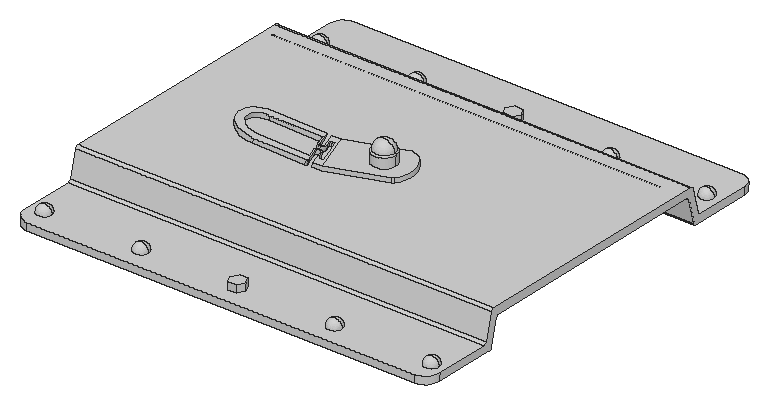
Revit family "AnchorPoint_Kattsafe_TopMount", category Specialty Equipment, host Face, Revit 2025
Family settings
  Host = Face
  Round Connector Dimension = Use Diameter
  Part Type = Normal
  OmniClass Number = 23.27.71.21
  Enable Cutting in Views = No
  Cut with Voids When Loaded = No
  Maintain Annotation Orientation = No
  Shared = No
  Room Calculation Point = No
Parameters (values of type "Top Hat (AP130T)")
  Uniclass2015Version = "Products v1.23"
  Uniclass2015Title = "Safety access anchor devices"
  Uniclass2015Code = "Pr_40_70_75_75"
  URL = "https://kattsafe.com.au/"
  Type IFC Predefined Type = "USERDEFINED"
  Type Comments = "Top Mount Anchor - Top hat plate - 15kN rated - 2kg"
  TopHat = no
  TiltBase = yes
  SafetyDisclaimer [instance] = "WARNING! The correct placement of access, fall protection and facade maintenance systems is critical to ensure it is fit-for-purpose and safe for the operator to use. Did you know Kattsafe® have a dedicated team of Height Safety System Design Specialists? Kattsafe® provide one-on-one consultation and system design assistance to ensure you are meeting the stringent requirements of height safety and to give you PEACE OF MIND with your project."  # constant formula
  ModifiedIssue = 20240430
  Model = "AP130T"
  Material = Steel_Stainless_Kattsafe_Satin
  ManufacturerURLProductSpecific = "https://kattsafe.com.au/products/anchor-points/metal-deck-mount/Top-mount-anchor-AP130"
  ManufacturerSpecCode = Model  # "AP130T"
  ManufacturerOverallWidth = 290 mm  # constant formula
  ManufacturerOverallHeight = 50 mm  # constant formula
  ManufacturerOverallDepth = 285 mm
  ManufacturerHeightFromFFL [instance] = 0 mm
  Manufacturer = "Kattsafe®"  # constant formula
  IfcExportType = "USERDEFINED"
  IfcExportAs = "IfcBuildingElementProxy"
  Export Type to IFC As = "IfcBuildingElementProxy"
  ElementType = "Fall Protection"
  Description = "Our Kattsafe anchor points are specifically designed, manufactured, and tested to comply with and often exceed Australian Standards, effectively handling excessive loads and saving lives when using a harness and lanyard system."  # constant formula
  Default Elevation = 0 mm  # constant formula
  CreatedBy = "IGS BIM Solutions"  # constant formula
  CreatedByURL = "https://igsgroup.com.au"
  Base = no
  Assembly Code = "E1090100"
Types (3, lengths in mm): name | Type Comments | Model | ManufacturerSpecCode | ManufacturerOverallDepth | Base
  Universal (AP130A) | "Top Mount Anchor - Universal plate - 15kN rated - 1.4kg" | "AP130A" | "AP130A" | 285 | yes
  Top Hat (AP130T) | "Top Mount Anchor - Top hat plate - 15kN rated - 2kg" | "AP130T" | "AP130T" | 285 | no
  Wide Deck (AP130W) | "Top Mount Anchor - Wide Deck - Suits 300 to 372mm deck - 15kN rated - 2kg" | "AP130W" | "AP130W" | 400 | yes
Reference planes
  plane 1 "Center (Front/Back)": y = 8
  plane 2 "Ref. Level": z = 0
  plane 3 "Center (Left/Right)": x = 0
  plane 4 "Front": y = -134.5
  plane 5 "Back": y = 150.5
  plane 6 "Right": x = 145
  plane 7 "Left": x = -145
  plane 8 "Top": z = 50
  plane 9 "Bottom": z = 0
  plane 10 "Bolts Back": y = 120.5
  plane 11 "Bolts Front": y = -119.5
  plane 12 "Mount_Top": z = 25
Forms (mm)
  Extrusion 1, solid, material "Steel_Stainless_Kattsafe_Satin" <- "Material", visible <- "Base"
    sketch origin (0, 0, 0) x (0, 1, 0) y (-1, 0, 0)
      loop
        arc (150.5, 135) -> (147.571, 142.071) -> (140.5, 145) r 10
        line (140.5, 145) -> (-124.5, 145)
        arc (-124.5, 145) -> (-131.571, 142.071) -> (-134.5, 135) r 10
        line (-134.5, 135) -> (-134.5, -135)
        arc (-134.5, -135) -> (-131.571, -142.071) -> (-124.5, -145) r 10
        line (-124.5, -145) -> (140.5, -145)
        arc (140.5, -145) -> (147.571, -142.071) -> (150.5, -135) r 10
        line (150.5, -135) -> (150.5, 135)
    from 0 to 5
  Revolve 2, solid, material "Steel_Stainless_Kattsafe_Satin" <- "Material", visible <- "TopHat"
    sketch origin (0, 8, 0) x (1, 0, 0) y (0, 0, 1)
      loop
        line (-39.574, 5) -> (0, 5) -> (0, 25) -> (-17.503, 25)
        arc (-17.503, 25) -> (-19.416, 24.619) -> (-21.038, 23.536) r 5
        line (-21.038, 23.536) -> (-39.574, 5)
      axis (0, 25) -> (0, 5)
    angle from 0 to 360
  Extrusion 3, solid, material "Steel_Stainless_Kattsafe_Satin" <- "Material"
    sketch origin (7.887, 12.748, 0) x (-1, 0, 0) y (0, -1, 0)
      loop
        line (31.19, 30.257) -> (-6.898, 16.394)
        arc (-6.898, 16.394) -> (-7.435, 16.098) -> (-7.858, 15.654) r 2
        arc (-7.858, 15.654) -> (-10.111, -1.801) -> (2.834, -13.725) r 19.152
        arc (2.834, -13.725) -> (3.444, -13.795) -> (4.046, -13.676) r 2
        line (4.046, -13.676) -> (42.134, 0.187) -> (31.19, 30.257)
    from 25 to 28
  Extrusion 4, solid, material "Steel_Stainless_Kattsafe_Satin" <- "Material"
    sketch origin (-23.303, -17.509, 0) x (0.939693, 0.34202, 0) y (0, 0, 1)
      loop
        line (0, 28) -> (-54.312, 42.553) -> (-55.089, 39.655) -> (0, 25) -> (0, 28)
    from 0 to -32
  Extrusion 5, void
    sketch origin (-23.303, -14.397, 27.715) x (-0.907673, -0.330366, 0.258819) y (0.34202, -0.939693, 0)
      loop
        arc (2.074, -22.373) -> (2.367, -23.08) -> (3.074, -23.373) r 1
        line (3.074, -23.373) -> (4.085, -23.373)
        arc (4.085, -23.373) -> (4.792, -23.08) -> (5.085, -22.373) r 1
        line (5.085, -22.373) -> (5.085, -17.389)
        arc (5.085, -17.389) -> (7.585, -14.889) -> (10.085, -17.389) r 2.5
        line (10.085, -17.389) -> (10.085, -24.076) -> (41.33, -24.076)
        arc (41.33, -24.076) -> (52.033, -13.373) -> (41.33, -2.67) r 10.703
        line (41.33, -2.67) -> (10.085, -2.67) -> (10.085, -9.357)
        arc (10.085, -9.357) -> (7.585, -11.857) -> (5.085, -9.357) r 2.5
        line (5.085, -9.357) -> (5.085, -4.373)
        arc (5.085, -4.373) -> (4.792, -3.666) -> (4.085, -3.373) r 1
        line (4.085, -3.373) -> (3.074, -3.373)
        arc (3.074, -3.373) -> (2.367, -3.666) -> (2.074, -4.373) r 1
        line (2.074, -4.373) -> (2.074, -13.373) -> (2.074, -22.373)
      loop
        arc (9.085, -17.389) -> (7.585, -15.889) -> (6.085, -17.389) r 1.5
        line (6.085, -17.389) -> (6.085, -29.076) -> (10.085, -29.076)
        arc (10.085, -29.076) -> (9.378, -28.783) -> (9.085, -28.076) r 1
        line (9.085, -28.076) -> (9.085, -17.389)
      loop
        line (9.085, -9.357) -> (9.085, 1.924)
        arc (9.085, 1.924) -> (9.378, 2.631) -> (10.085, 2.924) r 1
        line (10.085, 2.924) -> (6.085, 2.924) -> (6.085, -9.357)
        arc (6.085, -9.357) -> (7.585, -10.857) -> (9.085, -9.357) r 1.5
      loop
        line (41.33, -29.076) -> (59.377, -29.076) -> (59.377, 2.924) -> (41.33, 2.924)
        arc (41.33, 2.924) -> (57.33, -13.076) -> (41.33, -29.076) r 16
    from -8.644 to 3.905
  Revolve 6, solid, material "Steel_Stainless_Kattsafe_Satin" <- "Material", detail levels medium+fine
    sketch origin (-615.282, 120.5, 4780) x (-1, 0, 0) y (0, 0, 1)
      loop
        line (-480.282, -4775) -> (-475.282, -4775)
        arc (-475.282, -4775) -> (-476.733, -4771.44) -> (-480.282, -4769.962) r 5
        line (-480.282, -4769.962) -> (-480.282, -4775)
      axis (-480.282, -4775) -> (-480.282, -4769.962)
    angle from 0 to 360
  Revolve 7, solid, material "Steel_Stainless_Kattsafe_Satin" <- "Material", detail levels medium+fine
    sketch origin (615.282, 120.5, 4780) x (1, 0, 0) y (0, 0, -1)
      loop
        line (-480.282, 4775) -> (-480.282, 4769.962)
        arc (-480.282, 4769.962) -> (-476.733, 4771.44) -> (-475.282, 4775) r 5
        line (-475.282, 4775) -> (-480.282, 4775)
      axis (-480.282, 4775) -> (-480.282, 4769.962)
    angle from 0 to 360
  Revolve 8, solid, material "Steel_Stainless_Kattsafe_Satin" <- "Material", detail levels medium+fine
    sketch origin (-547.782, 120.5, 4780) x (-1, 0, 0) y (0, 0, 1)
      loop
        line (-480.282, -4775) -> (-475.282, -4775)
        arc (-475.282, -4775) -> (-476.733, -4771.44) -> (-480.282, -4769.962) r 5
        line (-480.282, -4769.962) -> (-480.282, -4775)
      axis (-480.282, -4775) -> (-480.282, -4769.962)
    angle from 0 to 360
  Revolve 9, solid, material "Steel_Stainless_Kattsafe_Satin" <- "Material", detail levels medium+fine
    sketch origin (547.782, 120.5, 4780) x (1, 0, 0) y (0, 0, -1)
      loop
        line (-480.282, 4775) -> (-480.282, 4769.962)
        arc (-480.282, 4769.962) -> (-476.733, 4771.44) -> (-475.282, 4775) r 5
        line (-475.282, 4775) -> (-480.282, 4775)
      axis (-480.282, 4775) -> (-480.282, 4769.962)
    angle from 0 to 360
  Revolve 10, solid, material "Steel_Stainless_Kattsafe_Satin" <- "Material", detail levels medium+fine
    sketch origin (-610.282, -119.5, 5280) x (-1, 0, 0) y (0, 0, 1)
      loop
        line (-475.282, -5275) -> (-470.282, -5275)
        arc (-470.282, -5275) -> (-471.733, -5271.44) -> (-475.282, -5269.962) r 5
        line (-475.282, -5269.962) -> (-475.282, -5275)
      axis (-475.282, -5275) -> (-475.282, -5269.962)
    angle from 0 to 360
  Revolve 11, solid, material "Steel_Stainless_Kattsafe_Satin" <- "Material", detail levels medium+fine
    sketch origin (-610.282, -119.5, 5280) x (-1, 0, 0) y (0, 0, 1)
      loop
        line (-745.282, -5275) -> (-745.282, -5269.962)
        arc (-745.282, -5269.962) -> (-748.831, -5271.44) -> (-750.282, -5275) r 5
        line (-750.282, -5275) -> (-745.282, -5275)
      axis (-745.282, -5275) -> (-745.282, -5269.962)
    angle from 0 to 360
  Revolve 12, solid, material "Steel_Stainless_Kattsafe_Satin" <- "Material", detail levels medium+fine
    sketch origin (-610.282, -119.5, 5280) x (-1, 0, 0) y (0, 0, 1)
      loop
        line (-542.782, -5275) -> (-537.782, -5275)
        arc (-537.782, -5275) -> (-539.233, -5271.44) -> (-542.782, -5269.962) r 5
        line (-542.782, -5269.962) -> (-542.782, -5275)
      axis (-542.782, -5269.962) -> (-542.782, -5275)
    angle from 0 to 360
  Revolve 13, solid, material "Steel_Stainless_Kattsafe_Satin" <- "Material", detail levels medium+fine
    sketch origin (-610.282, -119.5, 5280) x (-1, 0, 0) y (0, 0, 1)
      loop
        line (-677.782, -5275) -> (-677.782, -5269.962)
        arc (-677.782, -5269.962) -> (-681.331, -5271.44) -> (-682.782, -5275) r 5
        line (-682.782, -5275) -> (-677.782, -5275)
      axis (-677.782, -5269.962) -> (-677.782, -5275)
    angle from 0 to 360
  Extrusion 14, solid, material "Steel_Stainless_Kattsafe_Satin" <- "Material", detail levels medium+fine
    sketch origin (0, 0, 0) x (0, 1, 0) y (-1, 0, 0)
      loop
        line (125.5, -2.887) -> (125.5, 2.887) -> (120.5, 5.774) -> (115.5, 2.887) -> (115.5, -2.887) -> (120.5, -5.774) -> (125.5, -2.887)
      loop
        line (-114.5, -2.887) -> (-114.5, 2.887) -> (-119.5, 5.774) -> (-124.5, 2.887) -> (-124.5, -2.887) -> (-119.5, -5.774) -> (-114.5, -2.887)
    from 5 to 10
  Extrusion 15, solid, material "Steel_Stainless_Kattsafe_Satin" <- "Material", visible <- "TiltBase"
    sketch origin (0, 0, 0) x (0, 1, 0) y (0, 0, 1)
      loop
        line (-134.5, 5) -> (-134.5, 0) -> (-82.198, 0)
        arc (-82.198, 0) -> (-80.98, 0.413) -> (-80.266, 1.482) r 2
        line (-80.266, 1.482) -> (-75.702, 18.518)
        arc (-75.702, 18.518) -> (-74.987, 19.587) -> (-73.77, 20) r 2
        line (-73.77, 20) -> (89.77, 20)
        arc (89.77, 20) -> (90.987, 19.587) -> (91.702, 18.518) r 2
        line (91.702, 18.518) -> (96.266, 1.482)
        arc (96.266, 1.482) -> (96.98, 0.413) -> (98.198, 0) r 2
        line (98.198, 0) -> (150.5, 0) -> (150.5, 5) -> (102.035, 5)
        arc (102.035, 5) -> (100.817, 5.413) -> (100.103, 6.482) r 2
        line (100.103, 6.482) -> (95.538, 23.518)
        arc (95.538, 23.518) -> (94.824, 24.587) -> (93.606, 25) r 2
        line (93.606, 25) -> (-77.606, 25)
        arc (-77.606, 25) -> (-78.824, 24.587) -> (-79.538, 23.518) r 2
        line (-79.538, 23.518) -> (-84.103, 6.482)
        arc (-84.103, 6.482) -> (-84.817, 5.413) -> (-86.035, 5) r 2
        line (-86.035, 5) -> (-134.5, 5)
    from -145 to 145
  Extrusion 16, void
    sketch origin (0, 150.5, 5) x (1, 0, 0) y (0, -1, 0)
      loop
        line (-145, 10) -> (-145, 0) -> (-135, 0)
        arc (-135, 0) -> (-142.071, 2.929) -> (-145, 10) r 10
      loop
        arc (145, 10) -> (142.071, 2.929) -> (135, 0) r 10
        line (135, 0) -> (145, 0) -> (145, 10)
      loop
        arc (-145, 275) -> (-142.071, 282.071) -> (-135, 285) r 10
        line (-135, 285) -> (-145, 285) -> (-145, 275)
      loop
        line (145, 275) -> (145, 285) -> (135, 285)
        arc (135, 285) -> (142.071, 282.071) -> (145, 275) r 10
    from 0 to 5
  Revolve 17, solid, material "Steel_Stainless_Kattsafe_Satin" <- "Material"
    sketch origin (0, 8, 0) x (1, 0, 0) y (0, 0, 1)
      loop
        line (-8, 25) -> (0, 25) -> (0, 42.289)
        arc (0, 42.289) -> (-4.935, 40.395) -> (-7, 35.529) r 6.764
        arc (-7, 35.529) -> (-7.707, 35.236) -> (-8, 34.529) r 1
        line (-8, 34.529) -> (-8, 25)
      axis (0, 42.289) -> (0, 25)
    angle from 0 to 360
Cuts and joins
  Extrusion 5 cuts Extrusion 4
  joined: Extrusion 3, Extrusion 4, Revolve 17
  Extrusion 16 cuts Extrusion 15
Lines and regions (mm)
  Masking region 1
    outline origin (0, 0, 50) x (-1, 0, 0) y (0, -1, 0)
      loop
        arc (135, -150.5) -> (142.071, -147.571) -> (145, -140.5) r 10
        line (145, -140.5) -> (145, 124.5)
        arc (145, 124.5) -> (142.071, 131.571) -> (135, 134.5) r 10
        line (135, 134.5) -> (-135, 134.5)
        arc (-135, 134.5) -> (-142.071, 131.571) -> (-145, 124.5) r 10
        line (-145, 124.5) -> (-145, -140.5)
        arc (-145, -140.5) -> (-142.071, -147.571) -> (-135, -150.5) r 10
        line (-135, -150.5) -> (135, -150.5)
  symbolic lines, style "Fall Arrest Systems", detail levels medium+fine
    curve 1: circle (-135, 120.5, 50) r 5 normal (0, 0, -1)
    curve 2: circle (135, 120.5, 50) r 5 normal (0, 0, 1)
    curve 3: circle (-67.5, 120.5, 50) r 5 normal (0, 0, -1)
    curve 4: circle (67.5, 120.5, 50) r 5 normal (0, 0, 1)
    curve 5: line (2.887, 125.5, 50) -> (5.774, 120.5, 50)
    curve 6: line (5.774, 120.5, 50) -> (2.887, 115.5, 50)
    curve 7: line (2.887, 115.5, 50) -> (-2.887, 115.5, 50)
    curve 8: line (-2.887, 115.5, 50) -> (-5.774, 120.5, 50)
    curve 9: line (-5.774, 120.5, 50) -> (-2.887, 125.5, 50)
    curve 10: line (-2.887, 125.5, 50) -> (2.887, 125.5, 50)
    curve 11: circle (-135, -119.5, 50) r 5 normal (0, 0, 1)
    curve 12: circle (135, -119.5, 50) r 5 normal (0, 0, -1)
    curve 13: circle (-67.5, -119.5, 50) r 5 normal (0, 0, 1)
    curve 14: circle (67.5, -119.5, 50) r 5 normal (0, 0, -1)
    curve 15: line (2.887, -124.5, 50) -> (5.774, -119.5, 50)
    curve 16: line (5.774, -119.5, 50) -> (2.887, -114.5, 50)
    curve 17: line (2.887, -114.5, 50) -> (-2.887, -114.5, 50)
    curve 18: line (-2.887, -114.5, 50) -> (-5.774, -119.5, 50)
    curve 19: line (-5.774, -119.5, 50) -> (-2.887, -124.5, 50)
    curve 20: line (-2.887, -124.5, 50) -> (2.887, -124.5, 50)
    curve 22: circle (0, 8, 50) r 8 normal (0, 0, -1)
    curve 23: circle (0, 8, 50) r 4.998 normal (0, 0, -1)
    curve 24: line (-71.492, -0.994, 50) -> (-42.402, 9.594, 50)
    curve 25: line (14.442, -3.737, 50) -> (-27.837, -19.125, 50)
    curve 26: arc (15.744, -2.905, 50) -> (17.998, 14.55, 50) -> (5.053, 26.474, 50) r 19.152
    curve 27: spline (-60.547, -31.064, 50) -> (-64.492, -31.92, 50) -> (-68.541, -31.693, 50) -> (-72.419, -30.398, 50) -> (-75.86, -28.124, 50) -> (-78.631, -25.026, 50) -> (-80.542, -21.315, 50) -> (-81.463, -17.243, 50) -> (-81.332, -13.089, 50) -> (-80.158, -9.135, 50) -> (-78.02, -5.651, 50) -> (-75.064, -2.874, 50) -> (-71.492, -0.994, 50)
    curve 29: line (-31.457, -20.476, 50) -> (-60.547, -31.064, 50)
    curve 30: arc (5.053, 26.474, 50) -> (4.443, 26.543, 50) -> (3.841, 26.424, 50) r 2
    curve 31: arc (14.442, -3.737, 50) -> (15.177, -3.452, 50) -> (15.744, -2.905, 50) r 2
    curve 37: spline (-41.152, 8.985, 50) -> (-41.204, 9.104, 50) -> (-41.271, 9.217, 50) -> (-41.352, 9.319, 50) -> (-41.444, 9.41, 50) -> (-41.548, 9.488, 50) -> (-41.66, 9.552, 50) -> (-41.778, 9.601, 50) -> (-41.902, 9.633, 50) -> (-42.028, 9.649, 50) -> (-42.155, 9.647, 50) -> (-42.28, 9.629, 50) -> (-42.402, 9.594, 50)
    curve 39: line (-37.497, -1.057, 50) -> (-41.152, 8.985, 50)
    curve 40: spline (-34.774, -0.066, 50) -> (-34.687, -0.448, 50) -> (-34.7, -0.837, 50) -> (-34.81, -1.208, 50) -> (-35.01, -1.535, 50) -> (-35.287, -1.795, 50) -> (-35.622, -1.971, 50) -> (-35.992, -2.052, 50) -> (-36.372, -2.03, 50) -> (-36.735, -1.909, 50) -> (-37.058, -1.696, 50) -> (-37.318, -1.405, 50) -> (-37.497, -1.057, 50)
    curve 41: line (-38.771, 10.915, 50) -> (-34.774, -0.066, 50)
    curve 55: spline (-30.902, -19.177, 50) -> (-30.865, -19.302, 50) -> (-30.844, -19.431, 50) -> (-30.84, -19.561, 50) -> (-30.853, -19.691, 50) -> (-30.881, -19.817, 50) -> (-30.926, -19.938, 50) -> (-30.986, -20.051, 50) -> (-31.06, -20.156, 50) -> (-31.146, -20.249, 50) -> (-31.244, -20.329, 50) -> (-31.352, -20.395, 50) -> (-31.468, -20.447, 50)
    curve 57: line (-34.557, -9.135, 50) -> (-30.902, -19.177, 50)
    curve 58: spline (-31.834, -8.143, 50) -> (-32.013, -7.796, 50) -> (-32.273, -7.505, 50) -> (-32.596, -7.292, 50) -> (-32.959, -7.171, 50) -> (-33.339, -7.149, 50) -> (-33.709, -7.229, 50) -> (-34.043, -7.406, 50) -> (-34.321, -7.666, 50) -> (-34.521, -7.993, 50) -> (-34.631, -8.363, 50) -> (-34.643, -8.753, 50) -> (-34.557, -9.135, 50)
    curve 59: line (-27.837, -19.125, 50) -> (-31.834, -8.143, 50)
    curve 71: line (-38.771, 10.915, 50) -> (3.841, 26.425, 50)
  symbolic lines, style "Fall Arrest Systems", visible <- "TopHat", detail levels medium+fine
    curve 21: arc (-39.425, 4.241, 50) -> (37.212, 21.543, 50) -> (-32.617, -14.464, 50) r 39.602
  symbolic lines, style "Fall Arrest Systems", detail levels fine
    curve 28: line (-39.478, 10.658, 50) -> (-38.771, 10.915, 50)
    curve 32: line (-34.248, 12.562, 50) -> (-23.314, -17.479, 50)
    curve 33: spline (-70.762, -0.728, 50) -> (-74.334, -2.609, 50) -> (-77.29, -5.386, 50) -> (-79.428, -8.87, 50) -> (-80.603, -12.824, 50) -> (-80.734, -16.978, 50) -> (-79.812, -21.049, 50) -> (-77.901, -24.761, 50) -> (-75.131, -27.859, 50) -> (-71.689, -30.133, 50) -> (-67.812, -31.427, 50) -> (-63.762, -31.654, 50) -> (-59.817, -30.799, 50)
    curve 34: spline (-61.731, -25.542, 50) -> (-64.37, -26.114, 50) -> (-67.078, -25.962, 50) -> (-69.672, -25.096, 50) -> (-71.974, -23.575, 50) -> (-73.827, -21.503, 50) -> (-75.106, -19.02, 50) -> (-75.722, -16.297, 50) -> (-75.635, -13.518, 50) -> (-74.849, -10.873, 50) -> (-73.419, -8.542, 50) -> (-71.441, -6.685, 50) -> (-69.052, -5.427, 50)
    curve 35: line (-69.052, -5.427, 50) -> (-40.691, 4.895, 50)
    curve 36: line (-33.37, -15.219, 50) -> (-61.731, -25.542, 50)
    curve 38: line (-37.497, -1.057, 50) -> (-41.152, 8.985, 50)
    curve 42: line (-35.481, -0.324, 50) -> (-39.478, 10.658, 50)
    curve 43: spline (-35.994, -2.052, 50) -> (-35.87, -1.953, 50) -> (-35.758, -1.84, 50) -> (-35.659, -1.715, 50) -> (-35.574, -1.58, 50) -> (-35.504, -1.435, 50) -> (-35.45, -1.283, 50) -> (-35.412, -1.126, 50) -> (-35.392, -0.965, 50) -> (-35.388, -0.803, 50) -> (-35.402, -0.64, 50) -> (-35.433, -0.48, 50) -> (-35.481, -0.324, 50)
    curve 44: line (-33.866, 0.264, 50) -> (-35.571, 4.947, 50)
    curve 45: spline (-35.571, 4.947, 50) -> (-35.608, 5.073, 50) -> (-35.628, 5.202, 50) -> (-35.632, 5.332, 50) -> (-35.62, 5.461, 50) -> (-35.591, 5.588, 50) -> (-35.547, 5.708, 50) -> (-35.487, 5.822, 50) -> (-35.413, 5.926, 50) -> (-35.326, 6.019, 50) -> (-35.228, 6.1, 50) -> (-35.121, 6.166, 50) -> (-35.005, 6.217, 50)
    curve 46: spline (-33.543, 5.685, 50) -> (-33.596, 5.805, 50) -> (-33.663, 5.917, 50) -> (-33.744, 6.02, 50) -> (-33.836, 6.111, 50) -> (-33.939, 6.189, 50) -> (-34.051, 6.253, 50) -> (-34.17, 6.301, 50) -> (-34.294, 6.334, 50) -> (-34.42, 6.349, 50) -> (-34.547, 6.348, 50) -> (-34.672, 6.329, 50) -> (-34.793, 6.294, 50)
    curve 47: line (-27.194, -11.758, 50) -> (-33.543, 5.685, 50)
    curve 48: spline (-34.088, 6.551, 50) -> (-33.966, 6.586, 50) -> (-33.841, 6.605, 50) -> (-33.714, 6.606, 50) -> (-33.588, 6.59, 50) -> (-33.464, 6.558, 50) -> (-33.346, 6.51, 50) -> (-33.234, 6.446, 50) -> (-33.13, 6.367, 50) -> (-33.038, 6.276, 50) -> (-32.957, 6.174, 50) -> (-32.89, 6.062, 50) -> (-32.838, 5.942, 50)
    curve 49: line (-35.005, 6.217, 50) -> (-34.088, 6.551, 50)
    curve 50: line (-32.838, 5.942, 50) -> (-26.489, -11.502, 50)
    curve 51: spline (-38.405, -1.388, 50) -> (-38.106, -1.968, 50) -> (-37.673, -2.452, 50) -> (-37.135, -2.807, 50) -> (-36.529, -3.009, 50) -> (-35.897, -3.045, 50) -> (-35.28, -2.911, 50) -> (-34.722, -2.617, 50) -> (-34.26, -2.183, 50) -> (-33.926, -1.639, 50) -> (-33.743, -1.021, 50) -> (-33.722, -0.372, 50) -> (-33.866, 0.264, 50)
    curve 52: line (-40.691, 4.895, 50) -> (-38.405, -1.388, 50)
    curve 53: line (-39.114, -1.646, 50) -> (-41.4, 4.637, 50)
    curve 54: spline (-35.645, -3.011, 50) -> (-35.96, -3.158, 50) -> (-36.293, -3.257, 50) -> (-36.637, -3.305, 50) -> (-36.986, -3.302, 50) -> (-37.332, -3.247, 50) -> (-37.668, -3.142, 50) -> (-37.987, -2.989, 50) -> (-38.282, -2.792, 50) -> (-38.547, -2.553, 50) -> (-38.777, -2.279, 50) -> (-38.967, -1.974, 50) -> (-39.114, -1.646, 50)
    curve 56: line (-34.557, -9.135, 50) -> (-30.902, -19.177, 50)
    curve 60: line (-32.541, -8.401, 50) -> (-28.544, -19.383, 50)
    curve 61: spline (-34.045, -7.407, 50) -> (-33.886, -7.403, 50) -> (-33.728, -7.418, 50) -> (-33.572, -7.45, 50) -> (-33.42, -7.499, 50) -> (-33.273, -7.564, 50) -> (-33.134, -7.646, 50) -> (-33.004, -7.742, 50) -> (-32.885, -7.852, 50) -> (-32.778, -7.974, 50) -> (-32.684, -8.108, 50) -> (-32.605, -8.251, 50) -> (-32.541, -8.401, 50)
    curve 62: line (-30.926, -7.813, 50) -> (-29.222, -12.496, 50)
    curve 63: spline (-29.222, -12.496, 50) -> (-29.169, -12.616, 50) -> (-29.102, -12.728, 50) -> (-29.022, -12.831, 50) -> (-28.929, -12.922, 50) -> (-28.826, -13, 50) -> (-28.714, -13.064, 50) -> (-28.595, -13.113, 50) -> (-28.472, -13.145, 50) -> (-28.345, -13.16, 50) -> (-28.219, -13.159, 50) -> (-28.093, -13.141, 50) -> (-27.972, -13.106, 50)
    curve 64: spline (-27.194, -11.758, 50) -> (-27.158, -11.884, 50) -> (-27.137, -12.013, 50) -> (-27.133, -12.143, 50) -> (-27.145, -12.272, 50) -> (-27.174, -12.399, 50) -> (-27.219, -12.52, 50) -> (-27.278, -12.633, 50) -> (-27.352, -12.737, 50) -> (-27.439, -12.831, 50) -> (-27.537, -12.911, 50) -> (-27.645, -12.977, 50) -> (-27.761, -13.029, 50)
    curve 65: spline (-27.055, -12.772, 50) -> (-26.939, -12.72, 50) -> (-26.831, -12.654, 50) -> (-26.733, -12.574, 50) -> (-26.647, -12.481, 50) -> (-26.573, -12.376, 50) -> (-26.513, -12.263, 50) -> (-26.468, -12.142, 50) -> (-26.44, -12.016, 50) -> (-26.427, -11.886, 50) -> (-26.431, -11.756, 50) -> (-26.452, -11.627, 50) -> (-26.489, -11.502, 50)
    curve 66: line (-27.972, -13.106, 50) -> (-27.055, -12.772, 50)
    curve 67: spline (-35.465, -9.465, 50) -> (-35.609, -8.829, 50) -> (-35.588, -8.18, 50) -> (-35.405, -7.562, 50) -> (-35.071, -7.017, 50) -> (-34.609, -6.584, 50) -> (-34.051, -6.29, 50) -> (-33.434, -6.156, 50) -> (-32.801, -6.192, 50) -> (-32.196, -6.394, 50) -> (-31.658, -6.749, 50) -> (-31.225, -7.233, 50) -> (-30.926, -7.813, 50)
    curve 68: line (-33.37, -15.219, 50) -> (-35.465, -9.465, 50)
    curve 69: line (-36.174, -9.723, 50) -> (-34.079, -15.477, 50)
    curve 70: spline (-34.394, -6.447, 50) -> (-34.73, -6.537, 50) -> (-35.048, -6.676, 50) -> (-35.343, -6.86, 50) -> (-35.609, -7.087, 50) -> (-35.838, -7.351, 50) -> (-36.028, -7.647, 50) -> (-36.174, -7.969, 50) -> (-36.273, -8.311, 50) -> (-36.323, -8.664, 50) -> (-36.323, -9.022, 50) -> (-36.273, -9.377, 50) -> (-36.174, -9.723, 50)
    curve 72: line (-27.837, -19.125, 50) -> (-28.544, -19.383, 50)
Text (mm)
  text "Disclaimer:\nDue to ongoing product development and manufacturing \nevolution, product details are subject to change without \nnotice. Please refer to product technical data sheets on \nthe manufacturers website for the most current product \ninformation. Please allow a +/- 5mm manufacturing \ntolerance for dimensions and set-outs shown in product \nliterature." at (253.749, 82.963, 0), in view "Ref. Level"
Dimensions and locks
  "ManufacturerOverallWidth": plane 7 "Left" to plane 6 "Right"
  "ManufacturerOverallDepth": plane 5 "Back" to plane 4 "Front"
  equal spacing: plane 7 "Left", plane 3 "Center (Left/Right)", plane 6 "Right"
  equal spacing: plane 4 "Front", plane 1 "Center (Front/Back)", plane 5 "Back"
  "ManufacturerHeightFromFFL": plane 9 "Bottom" to level
  "ManufacturerOverallHeight": plane 9 "Bottom" to plane 8 "Top"
  locked: plane 12 "Mount_Top" to plane 9 "Bottom" at 25
  plane 11 "Bolts Front" to plane 4 "Front" = 15 mm
  locked: plane 10 "Bolts Back" to plane 5 "Back" at 30
  locked: Extrusion 14 sketch curve to plane 11 "Bolts Front" at 5
  locked: plane 11 "Bolts Front" to Extrusion 14 sketch curve at 5
  aligned and locked: plane 2 "Ref. Level" to host face
  aligned and locked: level to host face
  aligned and locked: Extrusion 1 to Revolve 2 sketch curve
  aligned and locked: Revolve 2 sketch curve to plane 3 "Center (Left/Right)"  (x2)
  aligned and locked: cut or joined group of Extrusion 15, Extrusion 16 to Revolve 11 sketch curve
  aligned and locked: cut or joined group of Extrusion 15, Extrusion 16 to Revolve 13 sketch curve
  aligned and locked: Revolve 12 sketch curve to cut or joined group of Extrusion 15, Extrusion 16
  aligned and locked: Revolve 10 sketch curve to cut or joined group of Extrusion 15, Extrusion 16
  aligned and locked: plane 11 "Bolts Front" to Extrusion 14 sketch curve  (x2)
Automatic sketch dimensions
  host sketch curve to host sketch curve = 290 mm
  host sketch curve to host sketch curve = 285 mm
  Extrusion 1 sketch curve to plane 4 "Front" = 0 mm
  Extrusion 1 sketch curve to plane 7 "Left" = 0 mm
  Extrusion 1 sketch curve to plane 6 "Right" = 0 mm
  plane 5 "Back" to Extrusion 1 sketch curve = 0 mm
  Extrusion 1 sketch curve to plane 11 "Bolts Front" = 5 mm  (x2)
  Extrusion 1 sketch curve to plane 10 "Bolts Back" = 20 mm  (x2)
  Revolve 2 sketch curve to plane 8 "Top" = 0 mm
  Revolve 2 sketch curve to Revolve 2 sketch curve = 17.503 mm
  Revolve 2 sketch curve to Revolve 2 sketch curve = 3.536 mm  (x2)
  Revolve 2 sketch curve to plane 9 "Bottom" = 5 mm
  Revolve 2 sketch curve to Revolve 2 sketch curve = 18.536 mm
  Revolve 2 sketch curve to plane 9 "Bottom" = 20 mm
  plane 1 "Center (Front/Back)" to Extrusion 3 sketch curve = 0 mm
  Extrusion 3 sketch curve to plane 3 "Center (Left/Right)" = 0 mm
  plane 3 "Center (Left/Right)" to Extrusion 3 sketch curve = 3.841 mm
  Extrusion 3 sketch curve to Extrusion 3 sketch curve = 0.684 mm  (x2)
  plane 3 "Center (Left/Right)" to Extrusion 3 sketch curve = 14.1 mm
  Extrusion 3 sketch curve to plane 3 "Center (Left/Right)" = 23.303 mm
  Extrusion 3 sketch curve to plane 1 "Center (Front/Back)" = 4.561 mm
  Extrusion 3 sketch curve to Extrusion 3 sketch curve = 10.944 mm
  Extrusion 3 sketch curve to plane 1 "Center (Front/Back)" = 16.545 mm
  Extrusion 3 sketch curve to Extrusion 3 sketch curve = 1.879 mm  (x2)
  Extrusion 3 sketch curve to Extrusion 3 sketch curve = 0 mm
  Extrusion 5 sketch curve to Extrusion 5 sketch curve = 0 mm  (x8)
  Extrusion 5 sketch curve to Extrusion 4 = 0 mm  (x3)
  Extrusion 4 to Extrusion 5 sketch curve = 0 mm  (x2)
  Extrusion 4 to Extrusion 5 sketch curve = 0.972 mm
  Extrusion 5 sketch curve to Extrusion 5 sketch curve = 1 mm  (x6)
  Extrusion 5 sketch curve to Extrusion 5 sketch curve = 1.011 mm  (x2)
  Extrusion 4 to Extrusion 5 sketch curve = 4.983 mm  (x2)
  Extrusion 5 sketch curve to Extrusion 5 sketch curve = 1.5 mm  (x2)
  Extrusion 5 sketch curve to Extrusion 4 = 16 mm
  Extrusion 4 to Extrusion 5 sketch curve = 2.047 mm
  Extrusion 5 sketch curve to Extrusion 5 sketch curve = 4 mm
  Extrusion 4 to Extrusion 5 sketch curve = 5.703 mm
  Extrusion 5 sketch curve to Extrusion 5 sketch curve = 4.984 mm  (x2)
  Extrusion 5 sketch curve to Extrusion 5 sketch curve = 4.016 mm  (x2)
  Extrusion 5 sketch curve to Extrusion 5 sketch curve = 0.297 mm
  Revolve 6 sketch curve to plane 9 "Bottom" = 0 mm
  Revolve 6 sketch curve to plane 7 "Left" = 10 mm
  Revolve 6 sketch curve to Revolve 6 sketch curve = 5 mm
  plane 9 "Bottom" to Revolve 6 sketch curve = 5 mm
  Revolve 6 sketch curve to Revolve 6 sketch curve = 0.038 mm
  Revolve 6 sketch curve to Revolve 6 sketch curve = 0 mm  (x2)
  Revolve 7 sketch curve to plane 9 "Bottom" = 0 mm
  Revolve 7 sketch curve to plane 6 "Right" = 10 mm
  Revolve 7 sketch curve to Revolve 7 sketch curve = 5 mm
  plane 9 "Bottom" to Revolve 7 sketch curve = 5 mm
  Revolve 7 sketch curve to Revolve 7 sketch curve = 0.038 mm
  Revolve 7 sketch curve to Revolve 7 sketch curve = 0 mm  (x2)
  Revolve 8 sketch curve to plane 9 "Bottom" = 0 mm
  plane 9 "Bottom" to Revolve 8 sketch curve = 5 mm
  plane 3 "Center (Left/Right)" to Revolve 8 sketch curve = 67.5 mm
  Revolve 8 sketch curve to Revolve 8 sketch curve = 5 mm
  Revolve 8 sketch curve to Revolve 8 sketch curve = 0.038 mm
  Revolve 8 sketch curve to Revolve 8 sketch curve = 0 mm  (x2)
  Revolve 9 sketch curve to plane 9 "Bottom" = 0 mm
  plane 9 "Bottom" to Revolve 9 sketch curve = 5 mm
  Revolve 9 sketch curve to plane 3 "Center (Left/Right)" = 67.5 mm
  Revolve 9 sketch curve to Revolve 9 sketch curve = 5 mm
  Revolve 9 sketch curve to Revolve 9 sketch curve = 0.038 mm
  Revolve 9 sketch curve to Revolve 9 sketch curve = 0 mm  (x2)
  plane 10 "Bolts Back" to Extrusion 14 sketch curve = 0 mm  (x2)
  plane 10 "Bolts Back" to Extrusion 14 sketch curve = 5 mm
  Extrusion 14 sketch curve to plane 10 "Bolts Back" = 5 mm
  plane 3 "Center (Left/Right)" to Extrusion 14 sketch curve = 5.774 mm  (x2)
  plane 3 "Center (Left/Right)" to Extrusion 14 sketch curve = 2.887 mm  (x4)
  Extrusion 14 sketch curve to plane 3 "Center (Left/Right)" = 2.887 mm  (x4)
  Extrusion 14 sketch curve to plane 3 "Center (Left/Right)" = 5.774 mm  (x2)
  Extrusion 15 sketch curve to plane 4 "Front" = 0 mm
  plane 9 "Bottom" to Extrusion 15 sketch curve = 0 mm  (x2)
  Extrusion 15 sketch curve to plane 5 "Back" = 0 mm
  Extrusion 15 sketch curve to plane 9 "Bottom" = 5 mm
  plane 11 "Bolts Front" to Extrusion 15 sketch curve = 33.465 mm
  Extrusion 15 sketch curve to plane 9 "Bottom" = 6.482 mm  (x2)
  Extrusion 15 sketch curve to Extrusion 15 sketch curve = 1.932 mm  (x8)
  Extrusion 15 sketch curve to Extrusion 15 sketch curve = 3.837 mm  (x2)
  Extrusion 15 sketch curve to plane 9 "Bottom" = 1.482 mm  (x2)
  Extrusion 15 sketch curve to plane 9 "Bottom" = 23.518 mm
  Extrusion 15 sketch curve to Extrusion 15 sketch curve = 4.565 mm  (x2)
  Extrusion 15 sketch curve to plane 9 "Bottom" = 18.518 mm
  Extrusion 15 sketch curve to Extrusion 15 sketch curve = 1.905 mm  (x2)
  Extrusion 15 sketch curve to plane 9 "Bottom" = 18 mm
  plane 10 "Bolts Back" to Extrusion 15 sketch curve = 30.73 mm
  Extrusion 15 sketch curve to Extrusion 15 sketch curve = 5 mm
  Extrusion 15 sketch curve to Extrusion 15 sketch curve = 0.518 mm  (x2)
  Extrusion 15 sketch curve to Extrusion 15 sketch curve = 3 mm
  Masking region 1 sketch curve to plane 6 "Right" = 0 mm
  plane 5 "Back" to Masking region 1 sketch curve = 0 mm
  Masking region 1 sketch curve to plane 4 "Front" = 0 mm
  Masking region 1 sketch curve to plane 7 "Left" = 0 mm
  Masking region 1 sketch curve to plane 10 "Bolts Back" = 20 mm  (x2)
  plane 6 "Right" to Masking region 1 sketch curve = 10 mm
  plane 7 "Left" to Masking region 1 sketch curve = 10 mm
  Extrusion 4 sketch curve to Extrusion 3 = 0 mm  (x3)
  Extrusion 4 sketch curve to Extrusion 3 = 14.553 mm
  Extrusion 3 to Extrusion 4 sketch curve = 54.312 mm
  Extrusion 4 sketch curve to Extrusion 3 = 11.655 mm
  Extrusion 16 sketch curve to Extrusion 15 = 0 mm  (x4)
  Extrusion 15 to Extrusion 16 sketch curve = 0 mm  (x2)
  Extrusion 15 to Extrusion 16 sketch curve = 10 mm  (x4)
  Extrusion 15 to Extrusion 16 sketch curve = 226.535 mm  (x2)
  Extrusion 16 sketch curve to Extrusion 16 sketch curve = 0 mm  (x4)
  plane 7 "Left" to Revolve 10 sketch curve = 10 mm
  Revolve 10 sketch curve to Revolve 10 sketch curve = 5 mm  (x2)
  Revolve 10 sketch curve to Revolve 10 sketch curve = 0.038 mm
  Revolve 10 sketch curve to Revolve 10 sketch curve = 0 mm  (x2)
  plane 6 "Right" to Revolve 11 sketch curve = 5 mm
  Revolve 11 sketch curve to Revolve 11 sketch curve = 5 mm  (x2)
  Revolve 11 sketch curve to Revolve 11 sketch curve = 0.038 mm
  Revolve 11 sketch curve to Revolve 11 sketch curve = 0 mm  (x2)
  level to Revolve 12 sketch curve = 500 mm
  Revolve 12 sketch curve to plane 3 "Center (Left/Right)" = 67.5 mm
  Revolve 12 sketch curve to Revolve 12 sketch curve = 5 mm
  Revolve 12 sketch curve to Revolve 12 sketch curve = 0.038 mm
  Revolve 12 sketch curve to Revolve 12 sketch curve = 0 mm  (x2)
  level to Revolve 13 sketch curve = 500 mm
  plane 3 "Center (Left/Right)" to Revolve 13 sketch curve = 72.5 mm
  Revolve 13 sketch curve to Revolve 13 sketch curve = 5 mm
  Revolve 13 sketch curve to Revolve 13 sketch curve = 0.038 mm
  Revolve 13 sketch curve to Revolve 13 sketch curve = 0 mm  (x2)
  curve 22 to curve 23 = 0 mm  (x2)
  curve 22 to curve 26 = 0 mm  (x2)
  plane 10 "Bolts Back" to curve 2 = 0 mm
  curve 12 to plane 11 "Bolts Front" = 0 mm
  curve 14 to plane 11 "Bolts Front" = 0 mm
  plane 10 "Bolts Back" to curve 4 = 0 mm
  plane 10 "Bolts Back" to curve 6 = 0 mm
  curve 15 to plane 11 "Bolts Front" = 0 mm
  plane 1 "Center (Front/Back)" to curve 23 = 0 mm
  curve 23 to plane 3 "Center (Left/Right)" = 0 mm
  curve 19 to plane 11 "Bolts Front" = 0 mm
  plane 10 "Bolts Back" to curve 9 = 0 mm
  plane 10 "Bolts Back" to curve 3 = 0 mm
  curve 13 to plane 11 "Bolts Front" = 0 mm
  plane 10 "Bolts Back" to curve 1 = 0 mm
  curve 11 to plane 11 "Bolts Front" = 0 mm
  plane 3 "Center (Left/Right)" to curve 20 = 2.887 mm
  plane 3 "Center (Left/Right)" to curve 17 = 2.887 mm
  plane 3 "Center (Left/Right)" to curve 10 = 2.887 mm
  plane 3 "Center (Left/Right)" to curve 7 = 2.887 mm
  plane 3 "Center (Left/Right)" to curve 30 = 4.525 mm
  curve 16 to curve 16 = 2.887 mm
  curve 5 to curve 6 = 2.887 mm
  plane 3 "Center (Left/Right)" to curve 31 = 14.1 mm
  curve 25 to curve 31 = 0.341 mm
  curve 4 to curve 5 = 61.726 mm
  curve 14 to curve 15 = 61.726 mm
  plane 6 "Right" to curve 12 = 10 mm
  plane 6 "Right" to curve 2 = 10 mm
  curve 21 to plane 3 "Center (Left/Right)" = 0.002 mm
  curve 17 to plane 3 "Center (Left/Right)" = 2.887 mm
  curve 20 to plane 3 "Center (Left/Right)" = 2.887 mm
  curve 7 to plane 3 "Center (Left/Right)" = 2.887 mm
  curve 9 to plane 3 "Center (Left/Right)" = 2.887 mm
  curve 19 to plane 3 "Center (Left/Right)" = 5.774 mm
  curve 9 to plane 3 "Center (Left/Right)" = 5.774 mm
  curve 66 to curve 72 = 1.49 mm
  curve 65 to curve 66 = 0.918 mm
  curve 59 to curve 57 = 3.065 mm
  curve 63 to curve 62 = 1.705 mm
  plane 1 "Center (Front/Back)" to curve 59 = 16.143 mm
  curve 67 to curve 59 = 0.908 mm
  curve 58 to curve 60 = 0.707 mm
  plane 1 "Center (Front/Back)" to curve 50 = 2.058 mm
  curve 62 to curve 50 = 1.912 mm
  plane 1 "Center (Front/Back)" to curve 47 = 2.315 mm
  curve 48 to curve 47 = 0.706 mm
  plane 1 "Center (Front/Back)" to curve 44 = 7.736 mm
  curve 46 to curve 44 = 0.323 mm
  plane 1 "Center (Front/Back)" to curve 49 = 1.449 mm
  curve 47 to curve 49 = 0.544 mm
  plane 1 "Center (Front/Back)" to curve 57 = 17.135 mm
  plane 1 "Center (Front/Back)" to curve 41 = 8.066 mm
  curve 51 to curve 41 = 0.908 mm
  plane 1 "Center (Front/Back)" to curve 49 = 1.783 mm
  curve 48 to curve 49 = 0.918 mm
  curve 58 to curve 68 = 0.908 mm
  curve 41 to curve 42 = 0.707 mm
  plane 1 "Center (Front/Back)" to curve 44 = 3.053 mm
  curve 49 to curve 44 = 0.566 mm
  curve 67 to curve 69 = 0.709 mm
  plane 1 "Center (Front/Back)" to curve 38 = 9.057 mm
  plane 1 "Center (Front/Back)" to curve 52 = 9.388 mm
  plane 1 "Center (Front/Back)" to curve 53 = 9.646 mm
  curve 51 to curve 53 = 0.709 mm
  curve 28 to plane 1 "Center (Front/Back)" = 2.658 mm
  curve 49 to curve 28 = 4.473 mm
  plane 1 "Center (Front/Back)" to curve 35 = 3.105 mm
  curve 45 to curve 35 = 5.121 mm
  curve 38 to plane 1 "Center (Front/Back)" = 0.985 mm
  curve 28 to curve 38 = 1.674 mm
  curve 24 to plane 1 "Center (Front/Back)" = 1.594 mm
  curve 38 to curve 24 = 1.25 mm
  curve 8 to curve 3 = 61.726 mm
  curve 18 to curve 13 = 61.726 mm
  plane 1 "Center (Front/Back)" to curve 24 = 8.994 mm
  plane 7 "Left" to curve 1 = 10 mm
  plane 7 "Left" to curve 11 = 10 mm
  curve 5 to plane 10 "Bolts Back" = 5 mm
  plane 10 "Bolts Back" to curve 7 = 5 mm
  curve 30 to plane 1 "Center (Front/Back)" = 16.545 mm
  plane 1 "Center (Front/Back)" to curve 21 = 0.002 mm
  curve 31 to curve 25 = 1.971 mm
  curve 60 to curve 67 = 0.238 mm
  curve 67 to curve 69 = 0.258 mm
  curve 67 to curve 62 = 4.683 mm
  curve 62 to curve 66 = 0.275 mm
  curve 65 to curve 66 = 0.334 mm
  curve 59 to curve 56 = 0.051 mm
  plane 11 "Bolts Front" to curve 16 = 5 mm
  curve 20 to plane 11 "Bolts Front" = 5 mm
  curve 30 to curve 71 = 0.684 mm
  curve 30 to curve 71 = 0 mm
  curve 26 to curve 30 = 1.212 mm
  curve 30 to curve 26 = 0 mm
  curve 32 to curve 72 = 5.23 mm
  curve 65 to curve 65 = 0.566 mm
  curve 65 to curve 64 = 0.706 mm
  curve 64 to curve 65 = 0.202 mm
  curve 64 to curve 66 = 0.212 mm
  curve 64 to curve 64 = 0 mm
  curve 64 to curve 63 = 0.212 mm
  curve 55 to curve 29 = 0.555 mm
  curve 29 to curve 55 = 0.011 mm
  curve 55 to curve 55 = 0.908 mm
  curve 67 to curve 67 = 0.855 mm
  curve 67 to curve 21 = 0.277 mm
  curve 67 to curve 58 = 0.342 mm
  curve 21 to curve 68 = 0.753 mm
  curve 68 to curve 69 = 0.709 mm
  curve 70 to curve 56 = 0.654 mm
  curve 70 to curve 61 = 0 mm
  curve 58 to curve 61 = 0.849 mm
  curve 61 to curve 70 = 0.349 mm
  curve 46 to curve 45 = 0.212 mm  (x2)
  curve 46 to curve 46 = 0 mm
  curve 54 to curve 40 = 0.491 mm
  curve 54 to curve 54 = 0.344 mm
  curve 54 to curve 43 = 0.349 mm
  curve 43 to curve 43 = 0.336 mm
  curve 51 to curve 40 = 0.513 mm
  curve 43 to curve 54 = 0 mm
  plane 1 "Center (Front/Back)" to curve 53 = 3.363 mm
  curve 33 to curve 29 = 0.73 mm
  curve 33 to curve 34 = 1.913 mm
  curve 33 to curve 34 = 0.102 mm
  plane 1 "Center (Front/Back)" to curve 35 = 13.427 mm
  curve 46 to curve 45 = 0.077 mm
  curve 64 to curve 65 = 0.074 mm
  curve 64 to curve 63 = 0.077 mm
  curve 68 to curve 69 = 0.258 mm
  curve 33 to curve 27 = 0.73 mm
  curve 59 to curve 72 = 0.707 mm
  plane 1 "Center (Front/Back)" to curve 31 = 9.766 mm
  curve 59 to curve 72 = 0.257 mm
  Revolve 17 sketch curve to plane 12 "Mount_Top" = 0 mm
  Revolve 17 sketch curve to plane 3 "Center (Left/Right)" = 0 mm  (x2)
  Revolve 17 sketch curve to plane 8 "Top" = 0 mm
  Revolve 17 sketch curve to plane 3 "Center (Left/Right)" = 0.236 mm
  Revolve 17 sketch curve to Revolve 17 sketch curve = 6.764 mm
  Revolve 17 sketch curve to Revolve 17 sketch curve = 1 mm
  Revolve 17 sketch curve to Revolve 17 sketch curve = 9.529 mm
  level to Revolve 17 sketch curve = 5 mm
  radius of curve 1 = 5 mm
  radius of curve 2 = 5 mm
  radius of curve 3 = 5 mm
  radius of curve 4 = 5 mm
  radius of curve 11 = 5 mm
  radius of curve 12 = 5 mm
  radius of curve 13 = 5 mm
  radius of curve 14 = 5 mm
  radius of curve 22 = 8 mm
  radius of curve 23 = 4.998 mm
